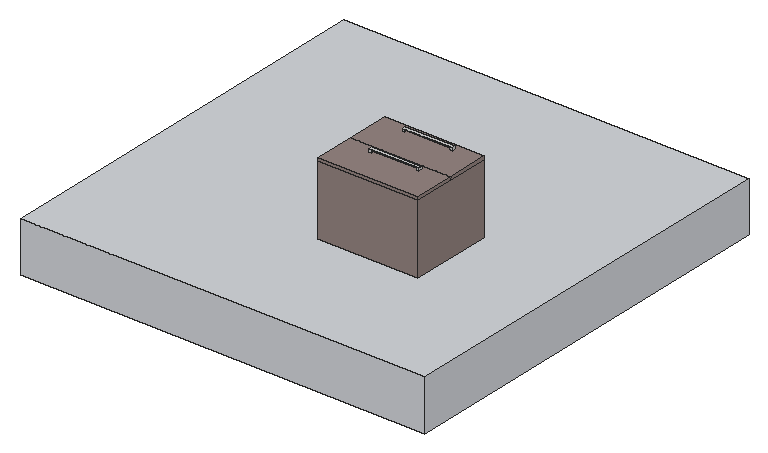
Revit family "IS_Tempo_Multiproduct_BIM_DE_E3240;E3242", category Plumbing Fixtures, host Face, Revit 2016
Family settings
  Host = Face
  Part Type = Normal
  Round Connector Dimension = Use Diameter
  OmniClass Number = 23.45.05.14.21.11
  OmniClass Title = Bath/Shower Units
  Cut with Voids When Loaded = No
  Shared = Yes
  Room Calculation Point = No
Parameters (values of type "E3240SG - Tempo 600mm Wall-mounted Vanity Basin Unit - Two Drawers - Sandy Grey")
  WarrantyStartDate = "n/a"
  WarrantyGuarantorParts = "n/a"
  WarrantyGuarantorLabor = "n/a"
  WarrantyDurationUnit = "n/a"
  WarrantyDurationParts = "n/a"
  WarrantyDurationLabor = "n/a"
  WarrantyDescription = "n/a"
  VolumeUnits = "Litres"
  Version = "1"
  Uniclass2015Version = "Products v1.1"
  Uniclass2015Title = "Bathroom furniture"
  Uniclass2015Code = "Pr_40_30_78_05"
  URL = "www.idealstandard.de"
  Type Comments = "n/a"
  TagNumber [instance] = "n/a"
  SustainabilityPerformance = "n/a"
  SpareParts = "www.idealstandard.de/ersatzteile"
  Space = "Internal"
  Size = "440 x 500 x 600 mm"
  Shape = "Rectangular"
  SerialNumber [instance] = "n/a"
  Revision = "n/a"
  ReplacementCost = "n/a"
  ProductInformation = "www.idealstandard.de"
  Phone = "+49228 5210"
  NominalWidth = 600 mm
  NominalLength = 500 mm
  NominalHeight = 500 mm
  NominalDepth = 440 mm
  NettWeight = "19,95 kg"
  Name = "-2146826246"
  NBSTypeID = "n/a"
  NBSReference = "45-35-72/320"
  NBSOfficeMasterTag = "n/a"
  NBSNote = "n/a"
  NBSDescription = "Bathroom integrated duct work"
  NBSCertification = "n/a"
  ModelReference = Description  # "Tempo 600mm wall mounted vanity basin unit  two drawers"
  ModelNumber = Model  # "E3240SG"
  ManufacturerURL = "www.idealstandard.de"
  LinearUnits = "millimeters"
  LaminateFinish = IS_IdealStandard_Laminate_SandyGrey_SG_Render
  InstallationInstructions = "www.idealstandard.de\\produkte"
  InstallationDate [instance] = "1900-12-31T23:59:59"
  IfcExportType = ""
  IfcExportAs = "IfcFurnitureType"
  Help = "idealstandard.de@idealstandard.com"
  HandleDistance = 150 mm
  GrossWeight = "22,743 kg"
  Grade = "n/a"
  Finish = "Sandy Grey"
  Features = "EUROVIT vanity unit 610x450mm, 2 drawer"
  ExpectedLife = "25"
  DurationUnit = "year"
  CurrencyUnit = "€"
  CreatedOn = "42774"
  Cost = 0
  Constituents = "n/a"
  ConnectionType = "Mechanical"
  Color = "Sandy Grey"
  CodePerformance = "0"
  ChromeHandle = IS_IdealStandard_Fitting_Chrome_Render
  Category = "n/a"
  Reference = "n/a"
  Model = "E3240SG"
  Manufacturer = "idealstandard.de@idealstandard.com"
  Description = "Tempo 600mm wall mounted vanity basin unit  two drawers"
  Default Elevation = 900 mm
  Brand = "Ideal Standard"
  BarCode = "5017830475644"
  BIMObjectName = "-2146826246"
  Author = "Ideal Standard"
  AssetType = "Fixed"
  AssetIdentifier [instance] = "n/a"
  Assembly Code = "C1030200"
  AreaUnits = "millimeters"
  AreaMeasurement = "n/a"
  Accessories = "www.idealspec.co.uk"
  AccessibilityPerformance = "n/a"
Types (4, lengths in mm): name | Size | NominalWidth | NettWeight | ModelReference | ModelNumber | LaminateFinish | HandleDistance | GrossWeight | Finish | Features | Color | Model | Description | BarCode
  E3240SG - Tempo 600mm Wall-mounted Vanity Basin Unit - Two Drawers - Sandy Grey | "440 x 500 x 600 mm" | 600 | "19,95 kg" | "Tempo 600mm wall mounted vanity basin unit  two drawers" | "E3240SG" | IS_IdealStandard_Laminate_SandyGrey_SG_Render | 150 | "22,743 kg" | "Sandy Grey" | "EUROVIT vanity unit 610x450mm, 2 drawer" | "Sandy Grey" | "E3240SG" | "Tempo 600mm wall mounted vanity basin unit  two drawers" | "5017830475644"
  E3242SG - Tempo 800mm Wall-mounted Vanity Basin Unit - Two Drawers - Sandy Grey | "440 x 500 x 800 mm" | 800 | "23,3 kg" | "Tempo 800mm wall mounted vanity basin unit  two drawers" | "E3242SG" | IS_IdealStandard_Laminate_SandyGrey_SG_Render | 250 | "26,562 kg" | "Sandy Grey" | "EUROVIT vanity unit 815x450mm, 2 drawer" | "Sandy Grey" | "E3242SG" | "Tempo 800mm wall mounted vanity basin unit  two drawers" | "5017830475705"
  E3240WG - Tempo 600mm Wall-mounted Vanity Basin Unit - Two Drawers – White Gloss | "440 x 500 x 600 mm" | 600 | "19,95 kg" | "Tempo 600mm wall mounted vanity basin unit  two drawers" | "E3240WG" | IS_IdealStandard_Laminate_White_WG_Render | 150 | "22,743 kg" | "Glossy White" | "EUROVIT vanity unit 610x450mm, 2 drawer" | "Glossy White" | "E3240WG" | "Tempo 600mm wall mounted vanity basin unit  two drawers" | "5017830475651"
  E3242WG - Tempo 800mm Wall-mounted Vanity Basin Unit - Two Drawers – White Gloss | "440 x 500 x 800 mm" | 800 | "23,3 kg" | "Tempo 800mm wall mounted vanity basin unit  two drawers" | "E3242WG" | IS_IdealStandard_Laminate_White_WG_Render | 250 | "26,562 kg" | "Glossy White" | "EUROVIT vanity unit 815x450mm, 2 drawer" | "Glossy White" | "E3242WG" | "Tempo 800mm wall mounted vanity basin unit  two drawers" | "5017830475712"
Reference planes
  plane 1 "Center (Front/Back)": y = 0
  plane 2: z = 0
  plane 3 "Center (Left/Right)": x = 0
  plane 4: x = 600
  plane 5: y = -500
  plane 6: z = 440
  plane 7: z = 422
  plane 8: y = -250
  plane 9: y = -249
  plane 10: y = -251
  plane 11: z = 18
  plane 12: x = 18
  plane 13: x = 582
  plane 14: x = 526.622
  plane 15: y = -231
  plane 16: x = 300
  plane 17: x = 150
  plane 18: x = 450
  plane 19: y = -30
  plane 20: y = -281
  plane 21: z = 450
  plane 22: z = 455
  plane 23: z = 460
  plane 24: x = 165
  plane 25: x = 435
  plane 26: y = -50
  plane 27: y = -155.5
Forms (mm)
  Extrusion 1, solid
    sketch origin (0, 0, 0) x (1, 0, 0) y (0, 1, 0)
      loop
        line (-1219.2, 1219.2) -> (-1219.2, -1219.2) -> (1219.2, -1219.2) -> (1219.2, 1219.2) -> (-1219.2, 1219.2)
    from 0 to -304.8
  Extrusion 2, solid, material "IS_IdealStandard_Laminate_SandyGrey_SG_Render" <- "LaminateFinish"
    sketch origin (0, 0, 0) x (1, 0, 0) y (0, 1, 0)
      loop
        line (0, 0) -> (0, -500) -> (600, -500) -> (600, 0) -> (0, 0)
    from 0 to 422
  Extrusion 3, solid, material "IS_IdealStandard_Laminate_SandyGrey_SG_Render" <- "LaminateFinish"
    sketch origin (-245.113, -4572, 422) x (-1, 0, 0) y (0, -1, 0)
      loop
        line (-845.113, -4323) -> (-845.113, -4572) -> (-245.113, -4572) -> (-245.113, -4323) -> (-845.113, -4323)
      loop
        line (-845.113, -4321) -> (-245.113, -4321) -> (-245.113, -4072) -> (-845.113, -4072) -> (-845.113, -4321)
    from 0 to 18
  Extrusion 4, void
    sketch origin (-178.439, -231, 1219.2) x (1, 0, 0) y (0, 0, 1)
      loop
        line (196.439, -797.2) -> (196.439, -1201.2) -> (760.439, -1201.2) -> (760.439, -797.2) -> (196.439, -797.2)
    from -231 to 0
  Extrusion 5, solid, material "IS_IdealStandard_Fitting_Chrome_Render" <- "ChromeHandle", detail levels medium+fine
    sketch origin (103.089, -30, 1219.2) x (-1, 0, 0) y (0, 0, 1)
      loop
        line (-61.911, -769.2) -> (-61.911, -779.2) -> (-46.911, -779.2) -> (-46.911, -765.198)
        arc (-46.911, -765.198) -> (-196.908, -759.046) -> (-346.911, -765.054) r 1853.424
        line (-346.911, -765.054) -> (-346.911, -779.2) -> (-331.911, -779.2) -> (-331.911, -769.2)
        arc (-331.911, -769.2) -> (-196.911, -764.2) -> (-61.911, -769.2) r 1825
    from -20 to 0
  Extrusion 6, solid, material "IS_IdealStandard_Fitting_Chrome_Render" <- "ChromeHandle", detail levels medium+fine
    sketch origin (103.089, -301, 1219.2) x (-1, 0, 0) y (0, 0, -1)
      loop
        arc (-61.911, 769.2) -> (-196.911, 764.2) -> (-331.911, 769.2) r 1825
        line (-331.911, 769.2) -> (-331.911, 779.2) -> (-346.911, 779.2) -> (-346.911, 765.054)
        arc (-346.911, 765.054) -> (-196.908, 759.046) -> (-46.911, 765.198) r 1853.424
        line (-46.911, 765.198) -> (-46.911, 779.2) -> (-61.911, 779.2) -> (-61.911, 769.2)
    from -20 to 0
Cuts and joins
  Extrusion 4 cuts Extrusion 2
  Extrusion 4 cuts Extrusion 3
Dimensions and locks
  "NominalWidth": plane 3 "Center (Left/Right)" to plane 4
  "NominalHeight": plane 5 to plane 1 "Center (Front/Back)"
  "NominalDepth": plane 6 to level
  equal spacing: plane 5, plane 8, plane 1 "Center (Front/Back)"
  equal spacing: plane 3 "Center (Left/Right)", plane 16, plane 4
  equal spacing: plane 17, plane 16, plane 18
  plane 17 to plane 18 = 300 mm
  "HandleDistance": plane 3 "Center (Left/Right)" to plane 17
  plane 18 to plane 4 = 150 mm
  equal spacing: plane 24, plane 16, plane 25
  locked: plane 24 to plane 25 at 270
  locked: plane 13 to plane 4 at 18
  aligned and locked: plane 2 to Extrusion 1
  aligned and locked: level to Extrusion 1
  aligned and locked: plane 1 "Center (Front/Back)" to Extrusion 2 sketch curve
  aligned and locked: plane 3 "Center (Left/Right)" to Extrusion 2 sketch curve
  aligned and locked: plane 5 to Extrusion 2 sketch curve
  aligned and locked: Extrusion 2 sketch curve to plane 4
  aligned and locked: plane 7 to Extrusion 2
  aligned and locked: Extrusion 2 to level
  aligned and locked: plane 9 to Extrusion 3 sketch curve
  aligned and locked: Extrusion 3 sketch curve to plane 4
  aligned and locked: Extrusion 3 sketch curve to Extrusion 2  (x2)
  aligned and locked: Extrusion 3 to plane 7
  aligned and locked: plane 6 to Extrusion 3
  aligned and locked: Extrusion 4 sketch curve to plane 7
  aligned and locked: plane 12 to Extrusion 4 sketch curve
  aligned and locked: plane 11 to Extrusion 4 sketch curve
  aligned and locked: Extrusion 4 sketch curve to plane 13
  aligned and locked: Extrusion 4 to plane 1 "Center (Front/Back)"
  aligned and locked: Extrusion 4 to plane 15
  aligned and locked: Extrusion 5 to plane 26
  aligned and locked: plane 19 to Extrusion 5
  aligned and locked: plane 20 to Extrusion 6
Automatic sketch dimensions
  Extrusion 1 sketch curve to Extrusion 1 sketch curve = 2438.4 mm  (x2)
  Extrusion 3 sketch curve to plane 4 = 0 mm
  Extrusion 3 sketch curve to plane 3 "Center (Left/Right)" = 0 mm
  Extrusion 3 sketch curve to plane 10 = 0 mm
  Extrusion 3 sketch curve to plane 5 = 0 mm
  Extrusion 5 sketch curve to plane 18 = 0 mm
  Extrusion 5 sketch curve to plane 21 = 0 mm
  Extrusion 5 sketch curve to plane 25 = 0 mm
  Extrusion 5 sketch curve to plane 16 = 0 mm
  Extrusion 5 sketch curve to plane 6 = 0 mm  (x2)
  Extrusion 5 sketch curve to plane 24 = 0 mm
  Extrusion 5 sketch curve to plane 17 = 0 mm
  plane 16 to Extrusion 5 sketch curve = 0.889 mm
  Extrusion 5 sketch curve to level = 1370 mm
  Extrusion 5 sketch curve to Extrusion 5 sketch curve = 23.27 mm
  Extrusion 5 sketch curve to plane 22 = 0.998 mm
  Extrusion 6 sketch curve to plane 18 = 0 mm
  Extrusion 6 sketch curve to plane 21 = 0 mm
  Extrusion 6 sketch curve to plane 25 = 0 mm
  plane 16 to Extrusion 6 sketch curve = 0 mm
  Extrusion 6 sketch curve to plane 6 = 0 mm  (x2)
  Extrusion 6 sketch curve to plane 24 = 0 mm
  Extrusion 6 sketch curve to plane 17 = 0 mm
  plane 16 to Extrusion 6 sketch curve = 0.889 mm
  Extrusion 6 sketch curve to plane 22 = 0.998 mm
  Extrusion 6 sketch curve to Extrusion 6 sketch curve = 14.146 mm
  Extrusion 6 sketch curve to Extrusion 6 sketch curve = 23.27 mm
